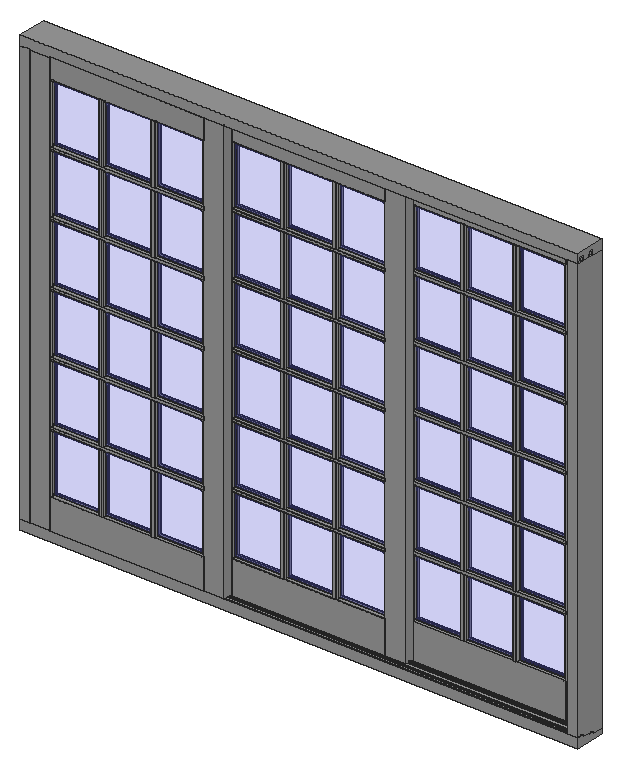
Revit family "VSD2.6SPTS RH", category Doors, host Wall, Revit 2015 (continued)
Forms (mm)
  Extrusion 72, solid, material "Lauan, Meranti"
    sketch origin (-405, -45, -297) x (1, 0, 0) y (0, 1, 0)
      loop
        line (295, 39) -> (297, 39) -> (297, 41) -> (288, 41) -> (288, 71) -> (275, 71) -> (275, 41) -> (266, 41) -> (266, 39) -> (268, 39)
        arc (268, 39) -> (270.33, 34.634) -> (275, 33) r 6.807
        line (275, 33) -> (275, 31)
    from 1675 to 1959
  Sweep 73, solid, material "Lauan, Meranti"
    path origin (-396.395, -120, -1078.763) x (1, 0, 0) y (0, 0, 1)
      loop
        line (279.395, 2740.763) -> (279.395, 2456.763) -> (513.395, 2456.763) -> (513.395, 2740.763) -> (279.395, 2740.763)
    profile origin (0, -120, 1662) x (0, 0, 1) y (0, -1, 0)
      loop
        line (-9, -124.5) -> (-9, -126.5) -> (-7, -126.5)
        arc (-7, -126.5) -> (-4.67, -130.866) -> (0, -132.5) r 6.807
        line (0, -132.5) -> (0, -124.5) -> (-9, -124.5)
  Sweep 74, solid, material "Lauan, Meranti"
    path origin (-643.395, -120, -1078.763) x (1, 0, 0) y (0, 0, 1)
      loop
        line (279.395, 2740.763) -> (279.395, 2456.763) -> (513.395, 2456.763) -> (513.395, 2740.763) -> (279.395, 2740.763)
    profile origin (-247, -120, 1662) x (0, 0, 1) y (0, -1, 0)
      loop
        line (-9, -124.5) -> (-9, -126.5) -> (-7, -126.5)
        arc (-7, -126.5) -> (-4.67, -130.866) -> (0, -132.5) r 6.807
        line (0, -132.5) -> (0, -124.5) -> (-9, -124.5)
  Sweep 75, solid, material "Lauan, Meranti"
    path origin (-149.395, -120, -1375.763) x (1, 0, 0) y (0, 0, 1)
      loop
        line (279.395, 2740.763) -> (279.395, 2456.763) -> (513.395, 2456.763) -> (513.395, 2740.763) -> (279.395, 2740.763)
    profile origin (247, -120, 1365) x (0, 0, 1) y (0, -1, 0)
      loop
        line (-9, -124.5) -> (-9, -126.5) -> (-7, -126.5)
        arc (-7, -126.5) -> (-4.67, -130.866) -> (0, -132.5) r 6.807
        line (0, -132.5) -> (0, -124.5) -> (-9, -124.5)
  Extrusion 76, solid, material "Lauan, Meranti"
    sketch origin (-405, -45, -594) x (1, 0, 0) y (0, 1, 0)
      loop
        line (522, 31) -> (535, 31) -> (535, 33)
        arc (535, 33) -> (539.67, 34.634) -> (542, 39) r 6.807
        line (542, 39) -> (544, 39) -> (544, 41) -> (535, 41) -> (535, 71) -> (522, 71) -> (522, 41) -> (513, 41) -> (513, 39) -> (515, 39)
        arc (515, 39) -> (517.33, 34.634) -> (522, 33) r 6.807
        line (522, 33) -> (522, 31)
      loop
        line (275, 31) -> (288, 31) -> (288, 33)
        arc (288, 33) -> (292.67, 34.634) -> (295, 39) r 6.807
        line (295, 39) -> (297, 39) -> (297, 41) -> (288, 41) -> (288, 71) -> (275, 71) -> (275, 41) -> (266, 41) -> (266, 39) -> (268, 39)
        arc (268, 39) -> (270.33, 34.634) -> (275, 33) r 6.807
        line (275, 33) -> (275, 31)
    from 1675 to 1959
  Sweep 77, solid, material "Lauan, Meranti"
    path origin (-396.395, -120, -1375.763) x (1, 0, 0) y (0, 0, 1)
      loop
        line (279.395, 2740.763) -> (279.395, 2456.763) -> (513.395, 2456.763) -> (513.395, 2740.763) -> (279.395, 2740.763)
    profile origin (0, -120, 1365) x (0, 0, 1) y (0, -1, 0)
      loop
        line (-9, -124.5) -> (-9, -126.5) -> (-7, -126.5)
        arc (-7, -126.5) -> (-4.67, -130.866) -> (0, -132.5) r 6.807
        line (0, -132.5) -> (0, -124.5) -> (-9, -124.5)
  Sweep 78, solid, material "Lauan, Meranti"
    path origin (-643.395, -120, -1375.763) x (1, 0, 0) y (0, 0, 1)
      loop
        line (279.395, 2740.763) -> (279.395, 2456.763) -> (513.395, 2456.763) -> (513.395, 2740.763) -> (279.395, 2740.763)
    profile origin (-247, -120, 1365) x (0, 0, 1) y (0, -1, 0)
      loop
        line (-9, -124.5) -> (-9, -126.5) -> (-7, -126.5)
        arc (-7, -126.5) -> (-4.67, -130.866) -> (0, -132.5) r 6.807
        line (0, -132.5) -> (0, -124.5) -> (-9, -124.5)
  Sweep 79, solid, material "Lauan, Meranti"
    path origin (-149.395, -120, -1672.763) x (1, 0, 0) y (0, 0, 1)
      loop
        line (279.395, 2740.763) -> (279.395, 2456.763) -> (513.395, 2456.763) -> (513.395, 2740.763) -> (279.395, 2740.763)
    profile origin (247, -120, 1068) x (0, 0, 1) y (0, -1, 0)
      loop
        line (-9, -124.5) -> (-9, -126.5) -> (-7, -126.5)
        arc (-7, -126.5) -> (-4.67, -130.866) -> (0, -132.5) r 6.807
        line (0, -132.5) -> (0, -124.5) -> (-9, -124.5)
  Extrusion 80, solid, material "Lauan, Meranti"
    sketch origin (-405, -45, -891) x (1, 0, 0) y (0, 1, 0)
      loop
        line (522, 31) -> (535, 31) -> (535, 33)
        arc (535, 33) -> (539.67, 34.634) -> (542, 39) r 6.807
        line (542, 39) -> (544, 39) -> (544, 41) -> (535, 41) -> (535, 71) -> (522, 71) -> (522, 41) -> (513, 41) -> (513, 39) -> (515, 39)
        arc (515, 39) -> (517.33, 34.634) -> (522, 33) r 6.807
        line (522, 33) -> (522, 31)
      loop
        line (275, 31) -> (288, 31) -> (288, 33)
        arc (288, 33) -> (292.67, 34.634) -> (295, 39) r 6.807
        line (295, 39) -> (297, 39) -> (297, 41) -> (288, 41) -> (288, 71) -> (275, 71) -> (275, 41) -> (266, 41) -> (266, 39) -> (268, 39)
        arc (268, 39) -> (270.33, 34.634) -> (275, 33) r 6.807
        line (275, 33) -> (275, 31)
    from 1675 to 1959
  Sweep 81, solid, material "Lauan, Meranti"
    path origin (-396.395, -120, -1672.763) x (1, 0, 0) y (0, 0, 1)
      loop
        line (279.395, 2740.763) -> (279.395, 2456.763) -> (513.395, 2456.763) -> (513.395, 2740.763) -> (279.395, 2740.763)
    profile origin (0, -120, 1068) x (0, 0, 1) y (0, -1, 0)
      loop
        line (-9, -124.5) -> (-9, -126.5) -> (-7, -126.5)
        arc (-7, -126.5) -> (-4.67, -130.866) -> (0, -132.5) r 6.807
        line (0, -132.5) -> (0, -124.5) -> (-9, -124.5)
  Sweep 82, solid, material "Lauan, Meranti"
    path origin (-643.395, -120, -1672.763) x (1, 0, 0) y (0, 0, 1)
      loop
        line (279.395, 2740.763) -> (279.395, 2456.763) -> (513.395, 2456.763) -> (513.395, 2740.763) -> (279.395, 2740.763)
    profile origin (-247, -120, 1068) x (0, 0, 1) y (0, -1, 0)
      loop
        line (-9, -124.5) -> (-9, -126.5) -> (-7, -126.5)
        arc (-7, -126.5) -> (-4.67, -130.866) -> (0, -132.5) r 6.807
        line (0, -132.5) -> (0, -124.5) -> (-9, -124.5)
  Sweep 83, solid, material "Lauan, Meranti"
    path origin (-149.395, -120, -1969.763) x (1, 0, 0) y (0, 0, 1)
      loop
        line (279.395, 2740.763) -> (279.395, 2456.763) -> (513.395, 2456.763) -> (513.395, 2740.763) -> (279.395, 2740.763)
    profile origin (247, -120, 771) x (0, 0, 1) y (0, -1, 0)
      loop
        line (-9, -124.5) -> (-9, -126.5) -> (-7, -126.5)
        arc (-7, -126.5) -> (-4.67, -130.866) -> (0, -132.5) r 6.807
        line (0, -132.5) -> (0, -124.5) -> (-9, -124.5)
  Extrusion 84, solid, material "Lauan, Meranti"
    sketch origin (-405, -45, -1188) x (1, 0, 0) y (0, 1, 0)
      loop
        line (522, 31) -> (535, 31) -> (535, 33)
        arc (535, 33) -> (539.67, 34.634) -> (542, 39) r 6.807
        line (542, 39) -> (544, 39) -> (544, 41) -> (535, 41) -> (535, 71) -> (522, 71) -> (522, 41) -> (513, 41) -> (513, 39) -> (515, 39)
        arc (515, 39) -> (517.33, 34.634) -> (522, 33) r 6.807
        line (522, 33) -> (522, 31)
      loop
        line (275, 31) -> (288, 31) -> (288, 33)
        arc (288, 33) -> (292.67, 34.634) -> (295, 39) r 6.807
        line (295, 39) -> (297, 39) -> (297, 41) -> (288, 41) -> (288, 71) -> (275, 71) -> (275, 41) -> (266, 41) -> (266, 39) -> (268, 39)
        arc (268, 39) -> (270.33, 34.634) -> (275, 33) r 6.807
        line (275, 33) -> (275, 31)
    from 1675 to 1959
  Sweep 85, solid, material "Lauan, Meranti"
    path origin (-396.395, -120, -1969.763) x (1, 0, 0) y (0, 0, 1)
      loop
        line (279.395, 2740.763) -> (279.395, 2456.763) -> (513.395, 2456.763) -> (513.395, 2740.763) -> (279.395, 2740.763)
    profile origin (0, -120, 771) x (0, 0, 1) y (0, -1, 0)
      loop
        line (-9, -124.5) -> (-9, -126.5) -> (-7, -126.5)
        arc (-7, -126.5) -> (-4.67, -130.866) -> (0, -132.5) r 6.807
        line (0, -132.5) -> (0, -124.5) -> (-9, -124.5)
  Sweep 86, solid, material "Lauan, Meranti"
    path origin (-643.395, -120, -1969.763) x (1, 0, 0) y (0, 0, 1)
      loop
        line (279.395, 2740.763) -> (279.395, 2456.763) -> (513.395, 2456.763) -> (513.395, 2740.763) -> (279.395, 2740.763)
    profile origin (-247, -120, 771) x (0, 0, 1) y (0, -1, 0)
      loop
        line (-9, -124.5) -> (-9, -126.5) -> (-7, -126.5)
        arc (-7, -126.5) -> (-4.67, -130.866) -> (0, -132.5) r 6.807
        line (0, -132.5) -> (0, -124.5) -> (-9, -124.5)
  Sweep 87, solid, material "Lauan, Meranti"
    path origin (-149.395, -120, -2266.763) x (1, 0, 0) y (0, 0, 1)
      loop
        line (279.395, 2740.763) -> (279.395, 2456.763) -> (513.395, 2456.763) -> (513.395, 2740.763) -> (279.395, 2740.763)
    profile origin (247, -120, 474) x (0, 0, 1) y (0, -1, 0)
      loop
        line (-9, -124.5) -> (-9, -126.5) -> (-7, -126.5)
        arc (-7, -126.5) -> (-4.67, -130.866) -> (0, -132.5) r 6.807
        line (0, -132.5) -> (0, -124.5) -> (-9, -124.5)
  Extrusion 88, solid, material "Lauan, Meranti"
    sketch origin (-405, -45, -1485) x (1, 0, 0) y (0, 1, 0)
      loop
        line (522, 31) -> (535, 31) -> (535, 33)
        arc (535, 33) -> (539.67, 34.634) -> (542, 39) r 6.807
        line (542, 39) -> (544, 39) -> (544, 41) -> (535, 41) -> (535, 71) -> (522, 71) -> (522, 41) -> (513, 41) -> (513, 39) -> (515, 39)
        arc (515, 39) -> (517.33, 34.634) -> (522, 33) r 6.807
        line (522, 33) -> (522, 31)
      loop
        line (275, 31) -> (288, 31) -> (288, 33)
        arc (288, 33) -> (292.67, 34.634) -> (295, 39) r 6.807
        line (295, 39) -> (297, 39) -> (297, 41) -> (288, 41) -> (288, 71) -> (275, 71) -> (275, 41) -> (266, 41) -> (266, 39) -> (268, 39)
        arc (268, 39) -> (270.33, 34.634) -> (275, 33) r 6.807
        line (275, 33) -> (275, 31)
    from 1675 to 1959
  Sweep 89, solid, material "Lauan, Meranti"
    path origin (-396.395, -120, -2266.763) x (1, 0, 0) y (0, 0, 1)
      loop
        line (279.395, 2740.763) -> (279.395, 2456.763) -> (513.395, 2456.763) -> (513.395, 2740.763) -> (279.395, 2740.763)
    profile origin (0, -120, 474) x (0, 0, 1) y (0, -1, 0)
      loop
        line (-9, -124.5) -> (-9, -126.5) -> (-7, -126.5)
        arc (-7, -126.5) -> (-4.67, -130.866) -> (0, -132.5) r 6.807
        line (0, -132.5) -> (0, -124.5) -> (-9, -124.5)
  Sweep 90, solid, material "Lauan, Meranti"
    path origin (-643.395, -120, -2266.763) x (1, 0, 0) y (0, 0, 1)
      loop
        line (279.395, 2740.763) -> (279.395, 2456.763) -> (513.395, 2456.763) -> (513.395, 2740.763) -> (279.395, 2740.763)
    profile origin (-247, -120, 474) x (0, 0, 1) y (0, -1, 0)
      loop
        line (-9, -124.5) -> (-9, -126.5) -> (-7, -126.5)
        arc (-7, -126.5) -> (-4.67, -130.866) -> (0, -132.5) r 6.807
        line (0, -132.5) -> (0, -124.5) -> (-9, -124.5)
Cuts and joins
  joined: Extrusion 3, Extrusion 4, Extrusion 6
Lines and regions (mm)
  Opening 1
    outline origin (-3050, -75, 0) x (1, 0, 0) y (0, 0, 1)
      loop
        line (1730, 0) -> (4370, 0) -> (4370, 2100) -> (1730, 2100) -> (1730, 0)
  model lines
    curve 1: line (-255.153, 99.5, 925) -> (85.77, 99.5, 925)
    curve 2: line (224.847, 99.5, 925) -> (85.77, 99.5, 981.191)
    curve 3: line (85.77, 99.5, 981.191) -> (85.77, 99.5, 868.809)
    curve 4: line (224.847, 99.5, 925) -> (85.77, 99.5, 868.809)
    curve 5: line (-1070.153, 99.5, 925) -> (-729.23, 99.5, 925)
    curve 6: line (-590.153, 99.5, 925) -> (-729.23, 99.5, 981.191)
    curve 7: line (-729.23, 99.5, 981.191) -> (-729.23, 99.5, 868.809)
    curve 8: line (-590.153, 99.5, 925) -> (-729.23, 99.5, 868.809)
Text (mm)
  text "Exterior" at (-2295.016, 1099.543, 0), in view "Ref. Level"
  text "Exterior" at (0, 1615.38, 3698.081), in view "Left"
  text "Exterior" at (0, 1036.032, 3874.932), in view "Right"
Dimensions and locks
  equal spacing: plane 3 "Left", plane 2 "Center (Left/Right)", plane 4 "Right"
  "Width": plane 3 "Left" to plane 4 "Right"
  "Height": plane 5 to host wall
  host wall to plane 5 = 2100 mm  (x2)
  locked: plane 6 "Exterior" to host wall at 0
  locked: plane 7 "Interior" to host wall
  plane 3 "Left" to plane 4 "Right" = 2640 mm
  aligned and locked: plane 3 "Left" to Opening 1 sketch curve
  aligned and locked: plane 5 to Opening 1 sketch curve  (x2)
  aligned and locked: Opening 1 sketch curve to plane 4 "Right"
  aligned and locked: Opening 1 sketch curve to level
  aligned and locked: plane 1 to host wall
  aligned and locked: Extrusion 1 to host wall  (x2)
  aligned and locked: Extrusion 2 to host wall  (x2)
  aligned and locked: Extrusion 13 to Sweep 14 sketch curve
  aligned and locked: Extrusion 16 to Extrusion 13  (x2)
  aligned and locked: Extrusion 13 to Extrusion 9
  aligned and locked: Extrusion 39 to Sweep 40 sketch curve
  aligned and locked: Extrusion 42 to Extrusion 39  (x2)
  aligned and locked: Extrusion 39 to Extrusion 8
  aligned and locked: Extrusion 65 to Sweep 66 sketch curve
  aligned and locked: Extrusion 68 to Extrusion 65  (x2)
  aligned and locked: Extrusion 65 to Extrusion 10
Automatic sketch dimensions
  Extrusion 1 sketch curve to level = 0 mm
  Extrusion 1 sketch curve to host wall = 5 mm  (x2)
  Extrusion 1 sketch curve to Extrusion 1 sketch curve = 8 mm
  Extrusion 1 sketch curve to Extrusion 1 sketch curve = 24 mm
  host wall to Extrusion 1 sketch curve = 6 mm
  Extrusion 1 sketch curve to host wall = 18 mm
  level to Extrusion 1 sketch curve = 21 mm
  Extrusion 1 sketch curve to Extrusion 1 sketch curve = 11 mm  (x2)
  Extrusion 1 sketch curve to Extrusion 1 sketch curve = 1 mm  (x2)
  plane 5 to Extrusion 2 sketch curve = 0 mm
  Extrusion 2 sketch curve to host wall = 5 mm  (x2)
  Extrusion 2 sketch curve to Extrusion 2 sketch curve = 9 mm
  Extrusion 2 sketch curve to Extrusion 2 sketch curve = 22 mm
  host wall to Extrusion 2 sketch curve = 5 mm
  Extrusion 2 sketch curve to host wall = 17 mm
  plane 5 to Extrusion 2 sketch curve = 25 mm  (x2)
  Extrusion 2 sketch curve to Extrusion 2 sketch curve = 20 mm  (x3)
  Extrusion 3 sketch curve to plane 3 "Left" = 0 mm
  Extrusion 3 sketch curve to plane 4 "Right" = 0 mm
  Extrusion 3 sketch curve to plane 3 "Left" = 43 mm
  Extrusion 3 sketch curve to host wall = 5 mm  (x4)
  Extrusion 3 sketch curve to Extrusion 3 sketch curve = 45 mm
  plane 4 "Right" to Extrusion 3 sketch curve = 45 mm
  Extrusion 3 sketch curve to Extrusion 3 sketch curve = 2 mm
  Extrusion 3 sketch curve to host wall = 25 mm  (x2)
  Extrusion 4 sketch curve to plane 3 "Left" = 0 mm
  Extrusion 4 sketch curve to plane 4 "Right" = 0 mm
  Extrusion 4 sketch curve to plane 3 "Left" = 43 mm
  Extrusion 4 sketch curve to Extrusion 4 sketch curve = 2 mm  (x2)
  plane 4 "Right" to Extrusion 4 sketch curve = 45 mm
  Extrusion 4 sketch curve to host wall = 5 mm  (x2)
  Extrusion 4 sketch curve to host wall = 25 mm
  Extrusion 4 sketch curve to Extrusion 4 sketch curve = 20 mm
  Extrusion 4 sketch curve to host wall = 37 mm  (x2)
  curve 7 to plane 3 "Left" = 590.77 mm
  curve 5 to curve 8 = 139.078 mm
  plane 2 "Center (Left/Right)" to curve 3 = 85.77 mm
  curve 1 to curve 4 = 139.078 mm
  level to curve 4 = 868.809 mm
  curve 7 to curve 3 = 0 mm
  curve 7 to curve 8 = 56.191 mm
  curve 3 to curve 4 = 56.191 mm
  curve 3 to curve 3 = 112.382 mm
  curve 7 to curve 7 = 112.382 mm
  curve 5 to plane 3 "Left" = 249.847 mm
  curve 1 to plane 2 "Center (Left/Right)" = 255.153 mm
  curve 1 to curve 2 = 56.191 mm
  curve 5 to curve 6 = 56.191 mm
  Extrusion 5 sketch curve to host wall = 13 mm
  Extrusion 5 sketch curve to Extrusion 5 sketch curve = 11 mm  (x2)
  Extrusion 5 sketch curve to Extrusion 5 sketch curve = 1 mm  (x4)
  level to Extrusion 5 sketch curve = 44 mm
  Extrusion 5 sketch curve to Extrusion 5 sketch curve = 1.882 mm
  Extrusion 5 sketch curve to Extrusion 5 sketch curve = 1.118 mm
  Extrusion 6 sketch curve to plane 3 "Left" = 0 mm
  Extrusion 6 sketch curve to plane 4 "Right" = 0 mm
  Extrusion 6 sketch curve to host wall = 5 mm  (x2)
  Extrusion 6 sketch curve to Extrusion 6 sketch curve = 43 mm
  Extrusion 6 sketch curve to Extrusion 6 sketch curve = 2 mm  (x2)
  Extrusion 6 sketch curve to host wall = 18 mm  (x2)
  plane 4 "Right" to Extrusion 6 sketch curve = 45 mm
  Extrusion 6 sketch curve to Extrusion 6 sketch curve = 20 mm
  Extrusion 6 sketch curve to host wall = 25 mm
  host wall to Extrusion 7 sketch curve = 6 mm
  Extrusion 7 sketch curve to host wall = 5 mm
  Extrusion 7 sketch curve to Extrusion 7 sketch curve = 1 mm  (x4)
  Extrusion 7 sketch curve to Extrusion 7 sketch curve = 11 mm
  level to Extrusion 7 sketch curve = 32 mm
  Extrusion 7 sketch curve to Extrusion 7 sketch curve = 1.882 mm
  Extrusion 7 sketch curve to Extrusion 7 sketch curve = 1.118 mm
  Extrusion 8 sketch curve to plane 8 = 0 mm
  Extrusion 8 sketch curve to plane 9 = 0 mm
  Extrusion 8 sketch curve to plane 12 = 0 mm
  Extrusion 8 sketch curve to plane 13 = 0 mm
  plane 9 to Extrusion 8 sketch curve = 9 mm  (x2)
  Extrusion 8 sketch curve to Extrusion 8 sketch curve = 0.473 mm  (x3)
  Extrusion 8 sketch curve to Extrusion 8 sketch curve = 2 mm  (x5)
  Extrusion 8 sketch curve to Extrusion 8 sketch curve = 6.527 mm
  Extrusion 8 sketch curve to host wall = 5 mm  (x2)
  Extrusion 8 sketch curve to Extrusion 8 sketch curve = 6 mm  (x2)
  Extrusion 8 sketch curve to Extrusion 8 sketch curve = 1.468 mm
  host wall to Extrusion 8 sketch curve = 30 mm  (x2)
  Extrusion 9 sketch curve to plane 16 = 0 mm
  Extrusion 9 sketch curve to plane 17 = 0 mm
  Extrusion 9 sketch curve to plane 20 = 0 mm
  Extrusion 9 sketch curve to plane 21 = 0 mm
  plane 17 to Extrusion 9 sketch curve = 9 mm  (x2)
  Extrusion 9 sketch curve to host wall = 1 mm  (x2)
  Extrusion 9 sketch curve to Extrusion 9 sketch curve = 0.473 mm  (x3)
  Extrusion 9 sketch curve to Extrusion 9 sketch curve = 2 mm  (x6)
  Extrusion 9 sketch curve to Extrusion 9 sketch curve = 6.527 mm
  Extrusion 9 sketch curve to host wall = 31 mm  (x2)
  Extrusion 9 sketch curve to Extrusion 9 sketch curve = 1.468 mm  (x2)
  Extrusion 10 sketch curve to plane 24 = 0 mm
  Extrusion 10 sketch curve to plane 25 = 0 mm
  Extrusion 10 sketch curve to plane 28 = 0 mm
  Extrusion 10 sketch curve to plane 29 = 0 mm
  plane 25 to Extrusion 10 sketch curve = 9 mm  (x2)
  Extrusion 10 sketch curve to Extrusion 10 sketch curve = 0.473 mm  (x3)
  Extrusion 10 sketch curve to Extrusion 10 sketch curve = 2 mm  (x5)
  host wall to Extrusion 10 sketch curve = 5.468 mm
  Extrusion 10 sketch curve to Extrusion 10 sketch curve = 6.527 mm
  host wall to Extrusion 10 sketch curve = 6 mm  (x2)
  Extrusion 10 sketch curve to Extrusion 10 sketch curve = 6 mm
  Extrusion 10 sketch curve to Extrusion 10 sketch curve = 1.468 mm
  Extrusion 10 sketch curve to host wall = 26 mm  (x2)
  host wall to Extrusion 11 sketch curve = 4.5 mm
  host wall to Extrusion 11 sketch curve = 2.3 mm
  Extrusion 11 sketch curve to host wall = 14.3 mm
  Extrusion 11 sketch curve to Extrusion 11 sketch curve = 2.2 mm  (x2)
  plane 5 to Extrusion 11 sketch curve = 45 mm
  Extrusion 11 sketch curve to Extrusion 11 sketch curve = 0 mm
  Extrusion 11 sketch curve to Extrusion 11 sketch curve = 17.8 mm
  Extrusion 12 sketch curve to host wall = 14.5 mm
  Extrusion 12 sketch curve to Extrusion 12 sketch curve = 2.2 mm  (x3)
  Extrusion 12 sketch curve to Extrusion 12 sketch curve = 16.6 mm
  plane 5 to Extrusion 12 sketch curve = 45 mm
  Extrusion 12 sketch curve to Extrusion 12 sketch curve = 0 mm
  Extrusion 12 sketch curve to Extrusion 12 sketch curve = 17.8 mm
  plane 4 "Right" to Sweep 14 sketch curve = 375 mm
  plane 4 "Right" to Sweep 14 sketch curve = 141 mm
  Sweep 14 sketch curve to Sweep 14 sketch curve = 284 mm
  profile plane to Sweep 14 sketch curve = 0 mm
  profile plane to Sweep 14 sketch curve = 0.241 mm
  Sweep 14 sketch curve to Sweep 14 sketch curve = 6.759 mm
  Sweep 14 sketch curve to Sweep 14 sketch curve = 2 mm  (x2)
  Sweep 14 sketch curve to profile plane = 132.5 mm
  Sweep 14 sketch curve to Sweep 14 sketch curve = 6 mm
  plane 2 "Center (Left/Right)" to Extrusion 15 sketch curve = 451 mm  (x2)
  Extrusion 15 sketch curve to Extrusion 15 sketch curve = 0 mm  (x25)
  Extrusion 15 sketch curve to Extrusion 15 sketch curve = 0.01 mm  (x6)
  Extrusion 15 sketch curve to Extrusion 15 sketch curve = 233.99 mm  (x4)
  Extrusion 15 sketch curve to Extrusion 15 sketch curve = 234 mm  (x3)
  Extrusion 15 sketch curve to Extrusion 15 sketch curve = 13 mm  (x13)
  Extrusion 15 sketch curve to Extrusion 15 sketch curve = 13.01 mm  (x3)
  plane 4 "Right" to Extrusion 15 sketch curve = 141 mm  (x4)
  level to Extrusion 15 sketch curve = 190.012 mm  (x2)
  Extrusion 15 sketch curve to Extrusion 15 sketch curve = 283.988 mm  (x3)
  Extrusion 15 sketch curve to Extrusion 15 sketch curve = 284 mm  (x2)
  Extrusion 15 sketch curve to Extrusion 15 sketch curve = 13.012 mm  (x4)
  plane 5 to Extrusion 15 sketch curve = 141 mm
  Extrusion 16 sketch curve to host wall = 33 mm  (x2)
  plane 4 "Right" to Extrusion 16 sketch curve = 644 mm
  Extrusion 16 sketch curve to Extrusion 16 sketch curve = 2 mm  (x7)
  Extrusion 16 sketch curve to Extrusion 16 sketch curve = 6.759 mm  (x4)
  Extrusion 16 sketch curve to Extrusion 16 sketch curve = 0.241 mm  (x6)
  Extrusion 16 sketch curve to host wall = 1 mm  (x2)
  Extrusion 16 sketch curve to Extrusion 16 sketch curve = 13 mm  (x2)
  Extrusion 16 sketch curve to Extrusion 16 sketch curve = 0 mm  (x4)
  Extrusion 16 sketch curve to Extrusion 16 sketch curve = 216 mm
  Extrusion 16 sketch curve to Extrusion 16 sketch curve = 6 mm  (x4)
  Extrusion 16 sketch curve to Extrusion 16 sketch curve = 1.197 mm  (x3)
  plane 4 "Right" to Sweep 17 sketch curve = 622 mm
  Sweep 17 sketch curve to Sweep 17 sketch curve = 234 mm
  plane 5 to Sweep 17 sketch curve = 425 mm
  plane 5 to Sweep 17 sketch curve = 141 mm
  profile plane to Sweep 17 sketch curve = 0 mm
  profile plane to Sweep 17 sketch curve = 0.241 mm
  Sweep 17 sketch curve to Sweep 17 sketch curve = 6.759 mm
  Sweep 17 sketch curve to Sweep 17 sketch curve = 2 mm  (x2)
  Sweep 17 sketch curve to profile plane = 132.5 mm
  Sweep 17 sketch curve to Sweep 17 sketch curve = 6 mm
  plane 2 "Center (Left/Right)" to Sweep 18 sketch curve = 451 mm
  Sweep 18 sketch curve to Sweep 18 sketch curve = 234 mm
  plane 5 to Sweep 18 sketch curve = 425 mm
  plane 5 to Sweep 18 sketch curve = 141 mm
  profile plane to Sweep 18 sketch curve = 0 mm
  profile plane to Sweep 18 sketch curve = 0.241 mm
  Sweep 18 sketch curve to Sweep 18 sketch curve = 6.759 mm
  Sweep 18 sketch curve to Sweep 18 sketch curve = 2 mm  (x2)
  Sweep 18 sketch curve to profile plane = 132.5 mm
  Sweep 18 sketch curve to Sweep 18 sketch curve = 6 mm
  plane 4 "Right" to Sweep 19 sketch curve = 375 mm
  plane 4 "Right" to Sweep 19 sketch curve = 141 mm
  plane 5 to Sweep 19 sketch curve = 722 mm
  Sweep 19 sketch curve to Sweep 19 sketch curve = 284 mm
  profile plane to Sweep 19 sketch curve = 0 mm
  profile plane to Sweep 19 sketch curve = 0.241 mm
  Sweep 19 sketch curve to Sweep 19 sketch curve = 6.759 mm
  Sweep 19 sketch curve to Sweep 19 sketch curve = 2 mm  (x2)
  Sweep 19 sketch curve to profile plane = 132.5 mm
  Sweep 19 sketch curve to Sweep 19 sketch curve = 6 mm
  Extrusion 20 sketch curve to host wall = 33 mm  (x2)
  plane 4 "Right" to Extrusion 20 sketch curve = 644 mm
  Extrusion 20 sketch curve to Extrusion 20 sketch curve = 2 mm  (x7)
  Extrusion 20 sketch curve to Extrusion 20 sketch curve = 6.759 mm  (x4)
  Extrusion 20 sketch curve to Extrusion 20 sketch curve = 0.241 mm  (x6)
  Extrusion 20 sketch curve to host wall = 1 mm  (x2)
  Extrusion 20 sketch curve to Extrusion 20 sketch curve = 13 mm  (x2)
  Extrusion 20 sketch curve to Extrusion 20 sketch curve = 0 mm  (x4)
  Extrusion 20 sketch curve to Extrusion 20 sketch curve = 216 mm
  Extrusion 20 sketch curve to Extrusion 20 sketch curve = 6 mm  (x4)
  Extrusion 20 sketch curve to Extrusion 20 sketch curve = 1.197 mm  (x3)
  plane 4 "Right" to Sweep 21 sketch curve = 622 mm
  Sweep 21 sketch curve to Sweep 21 sketch curve = 234 mm
  plane 5 to Sweep 21 sketch curve = 722 mm
  Sweep 21 sketch curve to Sweep 21 sketch curve = 284 mm
  profile plane to Sweep 21 sketch curve = 0 mm
  profile plane to Sweep 21 sketch curve = 0.241 mm
  Sweep 21 sketch curve to Sweep 21 sketch curve = 6.759 mm
  Sweep 21 sketch curve to Sweep 21 sketch curve = 2 mm  (x2)
  Sweep 21 sketch curve to profile plane = 132.5 mm
  Sweep 21 sketch curve to Sweep 21 sketch curve = 6 mm
  plane 2 "Center (Left/Right)" to Sweep 22 sketch curve = 451 mm
  Sweep 22 sketch curve to Sweep 22 sketch curve = 234 mm
  plane 5 to Sweep 22 sketch curve = 722 mm
  Sweep 22 sketch curve to Sweep 22 sketch curve = 284 mm
  profile plane to Sweep 22 sketch curve = 0 mm
  profile plane to Sweep 22 sketch curve = 0.241 mm
  Sweep 22 sketch curve to Sweep 22 sketch curve = 6.759 mm
  Sweep 22 sketch curve to Sweep 22 sketch curve = 2 mm  (x2)
  Sweep 22 sketch curve to profile plane = 132.5 mm
  Sweep 22 sketch curve to Sweep 22 sketch curve = 6 mm
  plane 4 "Right" to Sweep 23 sketch curve = 375 mm
  plane 4 "Right" to Sweep 23 sketch curve = 141 mm
  plane 5 to Sweep 23 sketch curve = 1019 mm
  Sweep 23 sketch curve to Sweep 23 sketch curve = 284 mm
  profile plane to Sweep 23 sketch curve = 0 mm
  profile plane to Sweep 23 sketch curve = 0.241 mm
  Sweep 23 sketch curve to Sweep 23 sketch curve = 6.759 mm
  Sweep 23 sketch curve to Sweep 23 sketch curve = 2 mm  (x2)
  Sweep 23 sketch curve to profile plane = 132.5 mm
  Sweep 23 sketch curve to Sweep 23 sketch curve = 6 mm
  Extrusion 24 sketch curve to host wall = 33 mm  (x2)
  plane 4 "Right" to Extrusion 24 sketch curve = 644 mm
  Extrusion 24 sketch curve to Extrusion 24 sketch curve = 2 mm  (x7)
  Extrusion 24 sketch curve to Extrusion 24 sketch curve = 6.759 mm  (x4)
  Extrusion 24 sketch curve to Extrusion 24 sketch curve = 0.241 mm  (x6)
  Extrusion 24 sketch curve to host wall = 1 mm  (x2)
  Extrusion 24 sketch curve to Extrusion 24 sketch curve = 13 mm  (x2)
  Extrusion 24 sketch curve to Extrusion 24 sketch curve = 0 mm  (x4)
  Extrusion 24 sketch curve to Extrusion 24 sketch curve = 216 mm
  Extrusion 24 sketch curve to Extrusion 24 sketch curve = 6 mm  (x4)
  Extrusion 24 sketch curve to Extrusion 24 sketch curve = 1.197 mm  (x3)
  plane 4 "Right" to Sweep 25 sketch curve = 622 mm
  Sweep 25 sketch curve to Sweep 25 sketch curve = 234 mm
  plane 5 to Sweep 25 sketch curve = 1019 mm
  Sweep 25 sketch curve to Sweep 25 sketch curve = 284 mm
  profile plane to Sweep 25 sketch curve = 0 mm
  profile plane to Sweep 25 sketch curve = 0.241 mm
  Sweep 25 sketch curve to Sweep 25 sketch curve = 6.759 mm
  Sweep 25 sketch curve to Sweep 25 sketch curve = 2 mm  (x2)
  Sweep 25 sketch curve to profile plane = 132.5 mm
  Sweep 25 sketch curve to Sweep 25 sketch curve = 6 mm
  plane 2 "Center (Left/Right)" to Sweep 26 sketch curve = 451 mm
  Sweep 26 sketch curve to Sweep 26 sketch curve = 234 mm
  plane 5 to Sweep 26 sketch curve = 1019 mm
  Sweep 26 sketch curve to Sweep 26 sketch curve = 284 mm
  profile plane to Sweep 26 sketch curve = 0 mm
  profile plane to Sweep 26 sketch curve = 0.241 mm
  Sweep 26 sketch curve to Sweep 26 sketch curve = 6.759 mm
  Sweep 26 sketch curve to Sweep 26 sketch curve = 2 mm  (x2)
  Sweep 26 sketch curve to profile plane = 132.5 mm
  Sweep 26 sketch curve to Sweep 26 sketch curve = 6 mm
  plane 4 "Right" to Sweep 27 sketch curve = 375 mm
  plane 4 "Right" to Sweep 27 sketch curve = 141 mm
  level to Sweep 27 sketch curve = 784 mm
  Sweep 27 sketch curve to Sweep 27 sketch curve = 284 mm
  profile plane to Sweep 27 sketch curve = 0 mm
  profile plane to Sweep 27 sketch curve = 0.241 mm
  Sweep 27 sketch curve to Sweep 27 sketch curve = 6.759 mm
  Sweep 27 sketch curve to Sweep 27 sketch curve = 2 mm  (x2)
  Sweep 27 sketch curve to profile plane = 132.5 mm
  Sweep 27 sketch curve to Sweep 27 sketch curve = 6 mm
  Extrusion 28 sketch curve to host wall = 33 mm  (x2)
  plane 4 "Right" to Extrusion 28 sketch curve = 644 mm
  Extrusion 28 sketch curve to Extrusion 28 sketch curve = 2 mm  (x7)
  Extrusion 28 sketch curve to Extrusion 28 sketch curve = 6.759 mm  (x4)
  Extrusion 28 sketch curve to Extrusion 28 sketch curve = 0.241 mm  (x6)
  Extrusion 28 sketch curve to host wall = 1 mm  (x2)
  Extrusion 28 sketch curve to Extrusion 28 sketch curve = 13 mm  (x2)
  Extrusion 28 sketch curve to Extrusion 28 sketch curve = 0 mm  (x4)
  Extrusion 28 sketch curve to Extrusion 28 sketch curve = 216 mm
  Extrusion 28 sketch curve to Extrusion 28 sketch curve = 6 mm  (x4)
  Extrusion 28 sketch curve to Extrusion 28 sketch curve = 1.197 mm  (x3)
  plane 4 "Right" to Sweep 29 sketch curve = 622 mm
  Sweep 29 sketch curve to Sweep 29 sketch curve = 234 mm
  level to Sweep 29 sketch curve = 784 mm
  Sweep 29 sketch curve to Sweep 29 sketch curve = 284 mm
  profile plane to Sweep 29 sketch curve = 0 mm
  profile plane to Sweep 29 sketch curve = 0.241 mm
  Sweep 29 sketch curve to Sweep 29 sketch curve = 6.759 mm
  Sweep 29 sketch curve to Sweep 29 sketch curve = 2 mm  (x2)
  Sweep 29 sketch curve to profile plane = 132.5 mm
  Sweep 29 sketch curve to Sweep 29 sketch curve = 6 mm
  plane 2 "Center (Left/Right)" to Sweep 30 sketch curve = 451 mm
  Sweep 30 sketch curve to Sweep 30 sketch curve = 234 mm
  level to Sweep 30 sketch curve = 784 mm
  Sweep 30 sketch curve to Sweep 30 sketch curve = 284 mm
  profile plane to Sweep 30 sketch curve = 0 mm
  profile plane to Sweep 30 sketch curve = 0.241 mm
  Sweep 30 sketch curve to Sweep 30 sketch curve = 6.759 mm
  Sweep 30 sketch curve to Sweep 30 sketch curve = 2 mm  (x2)
  Sweep 30 sketch curve to profile plane = 132.5 mm
  Sweep 30 sketch curve to Sweep 30 sketch curve = 6 mm
  plane 4 "Right" to Sweep 31 sketch curve = 375 mm
  plane 4 "Right" to Sweep 31 sketch curve = 141 mm
  level to Sweep 31 sketch curve = 487 mm
  Sweep 31 sketch curve to Sweep 31 sketch curve = 284 mm
  profile plane to Sweep 31 sketch curve = 0 mm
  profile plane to Sweep 31 sketch curve = 0.241 mm
  Sweep 31 sketch curve to Sweep 31 sketch curve = 6.759 mm
  Sweep 31 sketch curve to Sweep 31 sketch curve = 2 mm  (x2)
  Sweep 31 sketch curve to profile plane = 132.5 mm
  Sweep 31 sketch curve to Sweep 31 sketch curve = 6 mm
  Extrusion 32 sketch curve to host wall = 33 mm  (x2)
  plane 4 "Right" to Extrusion 32 sketch curve = 644 mm
  Extrusion 32 sketch curve to Extrusion 32 sketch curve = 2 mm  (x7)
  Extrusion 32 sketch curve to Extrusion 32 sketch curve = 6.759 mm  (x4)
  Extrusion 32 sketch curve to Extrusion 32 sketch curve = 0.241 mm  (x6)
  Extrusion 32 sketch curve to host wall = 1 mm  (x2)
  Extrusion 32 sketch curve to Extrusion 32 sketch curve = 13 mm  (x2)
  Extrusion 32 sketch curve to Extrusion 32 sketch curve = 0 mm  (x4)
  Extrusion 32 sketch curve to Extrusion 32 sketch curve = 216 mm
  Extrusion 32 sketch curve to Extrusion 32 sketch curve = 6 mm  (x4)
  Extrusion 32 sketch curve to Extrusion 32 sketch curve = 1.197 mm  (x3)
  plane 4 "Right" to Sweep 33 sketch curve = 622 mm
  Sweep 33 sketch curve to Sweep 33 sketch curve = 234 mm
  level to Sweep 33 sketch curve = 487 mm
  Sweep 33 sketch curve to Sweep 33 sketch curve = 284 mm
  profile plane to Sweep 33 sketch curve = 0 mm
  profile plane to Sweep 33 sketch curve = 0.241 mm
  Sweep 33 sketch curve to Sweep 33 sketch curve = 6.759 mm
  Sweep 33 sketch curve to Sweep 33 sketch curve = 2 mm  (x2)
  Sweep 33 sketch curve to profile plane = 132.5 mm
  Sweep 33 sketch curve to Sweep 33 sketch curve = 6 mm
  plane 2 "Center (Left/Right)" to Sweep 34 sketch curve = 451 mm
  Sweep 34 sketch curve to Sweep 34 sketch curve = 234 mm
  level to Sweep 34 sketch curve = 487 mm
  Sweep 34 sketch curve to Sweep 34 sketch curve = 284 mm
  profile plane to Sweep 34 sketch curve = 0 mm
  profile plane to Sweep 34 sketch curve = 0.241 mm
  Sweep 34 sketch curve to Sweep 34 sketch curve = 6.759 mm
  Sweep 34 sketch curve to Sweep 34 sketch curve = 2 mm  (x2)
  Sweep 34 sketch curve to profile plane = 132.5 mm
  Sweep 34 sketch curve to Sweep 34 sketch curve = 6 mm
  plane 4 "Right" to Sweep 35 sketch curve = 375 mm
  plane 4 "Right" to Sweep 35 sketch curve = 141 mm
  level to Sweep 35 sketch curve = 190 mm
  Sweep 35 sketch curve to Sweep 35 sketch curve = 284 mm
  profile plane to Sweep 35 sketch curve = 0 mm
  profile plane to Sweep 35 sketch curve = 0.241 mm
  Sweep 35 sketch curve to Sweep 35 sketch curve = 6.759 mm
  Sweep 35 sketch curve to Sweep 35 sketch curve = 2 mm  (x2)
  Sweep 35 sketch curve to profile plane = 132.5 mm
  Sweep 35 sketch curve to Sweep 35 sketch curve = 6 mm
  Extrusion 36 sketch curve to host wall = 33 mm  (x2)
  plane 4 "Right" to Extrusion 36 sketch curve = 644 mm
  Extrusion 36 sketch curve to Extrusion 36 sketch curve = 2 mm  (x7)
  Extrusion 36 sketch curve to Extrusion 36 sketch curve = 6.759 mm  (x4)
  Extrusion 36 sketch curve to Extrusion 36 sketch curve = 0.241 mm  (x6)
  Extrusion 36 sketch curve to host wall = 1 mm  (x2)
  Extrusion 36 sketch curve to Extrusion 36 sketch curve = 13 mm  (x2)
  Extrusion 36 sketch curve to Extrusion 36 sketch curve = 0 mm  (x4)
  Extrusion 36 sketch curve to Extrusion 36 sketch curve = 216 mm
  Extrusion 36 sketch curve to Extrusion 36 sketch curve = 6 mm  (x4)
  Extrusion 36 sketch curve to Extrusion 36 sketch curve = 1.197 mm  (x3)
  level to Sweep 37 sketch curve = 190 mm
  plane 4 "Right" to Sweep 37 sketch curve = 622 mm
  Sweep 37 sketch curve to Sweep 37 sketch curve = 234 mm
  Sweep 37 sketch curve to Sweep 37 sketch curve = 284 mm
  profile plane to Sweep 37 sketch curve = 0 mm
  profile plane to Sweep 37 sketch curve = 0.241 mm
  Sweep 37 sketch curve to Sweep 37 sketch curve = 6.759 mm
  Sweep 37 sketch curve to Sweep 37 sketch curve = 2 mm  (x2)
  Sweep 37 sketch curve to profile plane = 132.5 mm
  Sweep 37 sketch curve to Sweep 37 sketch curve = 6 mm
  level to Sweep 38 sketch curve = 190 mm
  plane 2 "Center (Left/Right)" to Sweep 38 sketch curve = 451 mm
  Sweep 38 sketch curve to Sweep 38 sketch curve = 234 mm
  Sweep 38 sketch curve to Sweep 38 sketch curve = 284 mm
  profile plane to Sweep 38 sketch curve = 0 mm
  profile plane to Sweep 38 sketch curve = 0.241 mm
  Sweep 38 sketch curve to Sweep 38 sketch curve = 6.759 mm
  Sweep 38 sketch curve to Sweep 38 sketch curve = 2 mm  (x2)
  Sweep 38 sketch curve to profile plane = 132.5 mm
  Sweep 38 sketch curve to Sweep 38 sketch curve = 6 mm
  Sweep 40 sketch curve to plane 3 "Left" = 635 mm
  Sweep 40 sketch curve to Sweep 40 sketch curve = 234 mm
  Sweep 40 sketch curve to Sweep 40 sketch curve = 284 mm
  profile plane to Sweep 40 sketch curve = 0 mm
  profile plane to Sweep 40 sketch curve = 0.241 mm
  Sweep 40 sketch curve to Sweep 40 sketch curve = 6.759 mm
  Sweep 40 sketch curve to Sweep 40 sketch curve = 2 mm  (x2)
  Sweep 40 sketch curve to profile plane = 132.5 mm
  Sweep 40 sketch curve to Sweep 40 sketch curve = 6 mm
  Extrusion 41 sketch curve to plane 3 "Left" = 141 mm  (x3)
  Extrusion 41 sketch curve to Extrusion 41 sketch curve = 0.01 mm  (x6)
  Extrusion 41 sketch curve to Extrusion 41 sketch curve = 233.99 mm  (x6)
  Extrusion 41 sketch curve to Extrusion 41 sketch curve = 0 mm  (x24)
  Extrusion 41 sketch curve to Extrusion 41 sketch curve = 234 mm  (x5)
  Extrusion 41 sketch curve to Extrusion 41 sketch curve = 13 mm  (x13)
  Extrusion 41 sketch curve to Extrusion 41 sketch curve = 13.01 mm  (x3)
  level to Extrusion 41 sketch curve = 190.012 mm  (x2)
  Extrusion 41 sketch curve to Extrusion 41 sketch curve = 283.988 mm  (x3)
  Extrusion 41 sketch curve to Extrusion 41 sketch curve = 284 mm  (x2)
  Extrusion 41 sketch curve to Extrusion 41 sketch curve = 13.012 mm  (x4)
  plane 5 to Extrusion 41 sketch curve = 141 mm
  Extrusion 42 sketch curve to host wall = 13 mm  (x4)
  Extrusion 42 sketch curve to plane 3 "Left" = 366 mm
  Extrusion 42 sketch curve to Extrusion 42 sketch curve = 2 mm  (x7)
  Extrusion 42 sketch curve to Extrusion 42 sketch curve = 6.759 mm  (x4)
  Extrusion 42 sketch curve to Extrusion 42 sketch curve = 0.241 mm  (x6)
  Extrusion 42 sketch curve to Extrusion 42 sketch curve = 13 mm  (x2)
  Extrusion 42 sketch curve to Extrusion 42 sketch curve = 0 mm  (x2)
  Extrusion 42 sketch curve to Extrusion 42 sketch curve = 216 mm
  Extrusion 42 sketch curve to host wall = 7 mm  (x4)
  Extrusion 42 sketch curve to Extrusion 42 sketch curve = 1.197 mm  (x3)
  Extrusion 42 sketch curve to Extrusion 42 sketch curve = 30 mm  (x2)
  Sweep 43 sketch curve to plane 3 "Left" = 388 mm
  Sweep 43 sketch curve to Sweep 43 sketch curve = 234 mm
  plane 5 to Sweep 43 sketch curve = 425 mm
  plane 5 to Sweep 43 sketch curve = 141 mm
  profile plane to Sweep 43 sketch curve = 0 mm
  profile plane to Sweep 43 sketch curve = 0.241 mm
  Sweep 43 sketch curve to Sweep 43 sketch curve = 6.759 mm
  Sweep 43 sketch curve to Sweep 43 sketch curve = 2 mm  (x2)
  Sweep 43 sketch curve to profile plane = 132.5 mm
  Sweep 43 sketch curve to Sweep 43 sketch curve = 6 mm
  Sweep 44 sketch curve to plane 3 "Left" = 141 mm
  Sweep 44 sketch curve to Sweep 44 sketch curve = 234 mm
  plane 5 to Sweep 44 sketch curve = 425 mm
  plane 5 to Sweep 44 sketch curve = 141 mm
  profile plane to Sweep 44 sketch curve = 0 mm
  profile plane to Sweep 44 sketch curve = 0.241 mm
  Sweep 44 sketch curve to Sweep 44 sketch curve = 6.759 mm
  Sweep 44 sketch curve to Sweep 44 sketch curve = 2 mm  (x2)
  Sweep 44 sketch curve to profile plane = 132.5 mm
  Sweep 44 sketch curve to Sweep 44 sketch curve = 6 mm
  Sweep 45 sketch curve to plane 3 "Left" = 635 mm
  Sweep 45 sketch curve to Sweep 45 sketch curve = 234 mm
  plane 5 to Sweep 45 sketch curve = 722 mm
  Sweep 45 sketch curve to Sweep 45 sketch curve = 284 mm
  profile plane to Sweep 45 sketch curve = 0 mm
  profile plane to Sweep 45 sketch curve = 0.241 mm
  Sweep 45 sketch curve to Sweep 45 sketch curve = 6.759 mm
  Sweep 45 sketch curve to Sweep 45 sketch curve = 2 mm  (x2)
  Sweep 45 sketch curve to profile plane = 132.5 mm
  Sweep 45 sketch curve to Sweep 45 sketch curve = 6 mm
  Extrusion 46 sketch curve to host wall = 13 mm  (x4)
  Extrusion 46 sketch curve to plane 3 "Left" = 366 mm
  Extrusion 46 sketch curve to Extrusion 46 sketch curve = 2 mm  (x7)
  Extrusion 46 sketch curve to Extrusion 46 sketch curve = 6.759 mm  (x4)
  Extrusion 46 sketch curve to Extrusion 46 sketch curve = 0.241 mm  (x6)
  Extrusion 46 sketch curve to Extrusion 46 sketch curve = 13 mm  (x2)
  Extrusion 46 sketch curve to Extrusion 46 sketch curve = 0 mm  (x2)
  Extrusion 46 sketch curve to Extrusion 46 sketch curve = 216 mm
  Extrusion 46 sketch curve to host wall = 7 mm  (x4)
  Extrusion 46 sketch curve to Extrusion 46 sketch curve = 1.197 mm  (x3)
  Extrusion 46 sketch curve to Extrusion 46 sketch curve = 30 mm  (x2)
  Sweep 47 sketch curve to plane 3 "Left" = 388 mm
  Sweep 47 sketch curve to Sweep 47 sketch curve = 234 mm
  plane 5 to Sweep 47 sketch curve = 722 mm
  Sweep 47 sketch curve to Sweep 47 sketch curve = 284 mm
  profile plane to Sweep 47 sketch curve = 0 mm
  profile plane to Sweep 47 sketch curve = 0.241 mm
  Sweep 47 sketch curve to Sweep 47 sketch curve = 6.759 mm
  Sweep 47 sketch curve to Sweep 47 sketch curve = 2 mm  (x2)
  Sweep 47 sketch curve to profile plane = 132.5 mm
  Sweep 47 sketch curve to Sweep 47 sketch curve = 6 mm
  Sweep 48 sketch curve to plane 3 "Left" = 141 mm
  Sweep 48 sketch curve to Sweep 48 sketch curve = 234 mm
  plane 5 to Sweep 48 sketch curve = 722 mm
  Sweep 48 sketch curve to Sweep 48 sketch curve = 284 mm
  profile plane to Sweep 48 sketch curve = 0 mm
  profile plane to Sweep 48 sketch curve = 0.241 mm
  Sweep 48 sketch curve to Sweep 48 sketch curve = 6.759 mm
  Sweep 48 sketch curve to Sweep 48 sketch curve = 2 mm  (x2)
  Sweep 48 sketch curve to profile plane = 132.5 mm
  Sweep 48 sketch curve to Sweep 48 sketch curve = 6 mm
  Sweep 49 sketch curve to plane 3 "Left" = 635 mm
  Sweep 49 sketch curve to Sweep 49 sketch curve = 234 mm
  plane 5 to Sweep 49 sketch curve = 1019 mm
  Sweep 49 sketch curve to Sweep 49 sketch curve = 284 mm
  profile plane to Sweep 49 sketch curve = 0 mm
  profile plane to Sweep 49 sketch curve = 0.241 mm
  Sweep 49 sketch curve to Sweep 49 sketch curve = 6.759 mm
  Sweep 49 sketch curve to Sweep 49 sketch curve = 2 mm  (x2)
  Sweep 49 sketch curve to profile plane = 132.5 mm
  Sweep 49 sketch curve to Sweep 49 sketch curve = 6 mm
  Extrusion 50 sketch curve to host wall = 13 mm  (x4)
  Extrusion 50 sketch curve to plane 3 "Left" = 366 mm
  Extrusion 50 sketch curve to Extrusion 50 sketch curve = 2 mm  (x7)
  Extrusion 50 sketch curve to Extrusion 50 sketch curve = 6.759 mm  (x4)
  Extrusion 50 sketch curve to Extrusion 50 sketch curve = 0.241 mm  (x6)
  Extrusion 50 sketch curve to Extrusion 50 sketch curve = 13 mm  (x2)
  Extrusion 50 sketch curve to Extrusion 50 sketch curve = 0 mm  (x2)
  Extrusion 50 sketch curve to Extrusion 50 sketch curve = 216 mm
  Extrusion 50 sketch curve to host wall = 7 mm  (x4)
  Extrusion 50 sketch curve to Extrusion 50 sketch curve = 1.197 mm  (x3)
  Extrusion 50 sketch curve to Extrusion 50 sketch curve = 30 mm  (x2)
  Sweep 51 sketch curve to plane 3 "Left" = 388 mm
  Sweep 51 sketch curve to Sweep 51 sketch curve = 234 mm
  plane 5 to Sweep 51 sketch curve = 1019 mm
  Sweep 51 sketch curve to Sweep 51 sketch curve = 284 mm
  profile plane to Sweep 51 sketch curve = 0 mm
  profile plane to Sweep 51 sketch curve = 0.241 mm
  Sweep 51 sketch curve to Sweep 51 sketch curve = 6.759 mm
  Sweep 51 sketch curve to Sweep 51 sketch curve = 2 mm  (x2)
  Sweep 51 sketch curve to profile plane = 132.5 mm
  Sweep 51 sketch curve to Sweep 51 sketch curve = 6 mm
  Sweep 52 sketch curve to plane 3 "Left" = 141 mm
  Sweep 52 sketch curve to Sweep 52 sketch curve = 234 mm
  plane 5 to Sweep 52 sketch curve = 1019 mm
  Sweep 52 sketch curve to Sweep 52 sketch curve = 284 mm
  profile plane to Sweep 52 sketch curve = 0 mm
  profile plane to Sweep 52 sketch curve = 0.241 mm
  Sweep 52 sketch curve to Sweep 52 sketch curve = 6.759 mm
  Sweep 52 sketch curve to Sweep 52 sketch curve = 2 mm  (x2)
  Sweep 52 sketch curve to profile plane = 132.5 mm
  Sweep 52 sketch curve to Sweep 52 sketch curve = 6 mm
  Sweep 53 sketch curve to plane 3 "Left" = 635 mm
  Sweep 53 sketch curve to Sweep 53 sketch curve = 234 mm
  level to Sweep 53 sketch curve = 784 mm
  Sweep 53 sketch curve to Sweep 53 sketch curve = 284 mm
  profile plane to Sweep 53 sketch curve = 0 mm
  profile plane to Sweep 53 sketch curve = 0.241 mm
  Sweep 53 sketch curve to Sweep 53 sketch curve = 6.759 mm
  Sweep 53 sketch curve to Sweep 53 sketch curve = 2 mm  (x2)
  Sweep 53 sketch curve to profile plane = 132.5 mm
  Sweep 53 sketch curve to Sweep 53 sketch curve = 6 mm
  Extrusion 54 sketch curve to host wall = 13 mm  (x4)
  Extrusion 54 sketch curve to plane 3 "Left" = 366 mm
  Extrusion 54 sketch curve to Extrusion 54 sketch curve = 2 mm  (x7)
  Extrusion 54 sketch curve to Extrusion 54 sketch curve = 6.759 mm  (x4)
  Extrusion 54 sketch curve to Extrusion 54 sketch curve = 0.241 mm  (x6)
  Extrusion 54 sketch curve to Extrusion 54 sketch curve = 13 mm  (x2)
  Extrusion 54 sketch curve to Extrusion 54 sketch curve = 0 mm  (x2)
  Extrusion 54 sketch curve to Extrusion 54 sketch curve = 216 mm
  Extrusion 54 sketch curve to host wall = 7 mm  (x4)
  Extrusion 54 sketch curve to Extrusion 54 sketch curve = 1.197 mm  (x3)
  Extrusion 54 sketch curve to Extrusion 54 sketch curve = 30 mm  (x2)
  Sweep 55 sketch curve to plane 3 "Left" = 388 mm
  Sweep 55 sketch curve to Sweep 55 sketch curve = 234 mm
  level to Sweep 55 sketch curve = 784 mm
  Sweep 55 sketch curve to Sweep 55 sketch curve = 284 mm
  profile plane to Sweep 55 sketch curve = 0 mm
  profile plane to Sweep 55 sketch curve = 0.241 mm
  Sweep 55 sketch curve to Sweep 55 sketch curve = 6.759 mm
  Sweep 55 sketch curve to Sweep 55 sketch curve = 2 mm  (x2)
  Sweep 55 sketch curve to profile plane = 132.5 mm
  Sweep 55 sketch curve to Sweep 55 sketch curve = 6 mm
  Sweep 56 sketch curve to plane 3 "Left" = 141 mm
  Sweep 56 sketch curve to Sweep 56 sketch curve = 234 mm
  level to Sweep 56 sketch curve = 784 mm
  Sweep 56 sketch curve to Sweep 56 sketch curve = 284 mm
  profile plane to Sweep 56 sketch curve = 0 mm
  profile plane to Sweep 56 sketch curve = 0.241 mm
  Sweep 56 sketch curve to Sweep 56 sketch curve = 6.759 mm
  Sweep 56 sketch curve to Sweep 56 sketch curve = 2 mm  (x2)
  Sweep 56 sketch curve to profile plane = 132.5 mm
  Sweep 56 sketch curve to Sweep 56 sketch curve = 6 mm
  Sweep 57 sketch curve to plane 3 "Left" = 635 mm
  Sweep 57 sketch curve to Sweep 57 sketch curve = 234 mm
  level to Sweep 57 sketch curve = 487 mm
  Sweep 57 sketch curve to Sweep 57 sketch curve = 284 mm
  profile plane to Sweep 57 sketch curve = 0 mm
  profile plane to Sweep 57 sketch curve = 0.241 mm
  Sweep 57 sketch curve to Sweep 57 sketch curve = 6.759 mm
  Sweep 57 sketch curve to Sweep 57 sketch curve = 2 mm  (x2)
  Sweep 57 sketch curve to profile plane = 132.5 mm
  Sweep 57 sketch curve to Sweep 57 sketch curve = 6 mm
  Extrusion 58 sketch curve to host wall = 13 mm  (x4)
  Extrusion 58 sketch curve to plane 3 "Left" = 366 mm
  Extrusion 58 sketch curve to Extrusion 58 sketch curve = 2 mm  (x7)
  Extrusion 58 sketch curve to Extrusion 58 sketch curve = 6.759 mm  (x4)
  Extrusion 58 sketch curve to Extrusion 58 sketch curve = 0.241 mm  (x6)
  Extrusion 58 sketch curve to Extrusion 58 sketch curve = 13 mm  (x2)
  Extrusion 58 sketch curve to Extrusion 58 sketch curve = 0 mm  (x2)
  Extrusion 58 sketch curve to Extrusion 58 sketch curve = 216 mm
  Extrusion 58 sketch curve to host wall = 7 mm  (x4)
  Extrusion 58 sketch curve to Extrusion 58 sketch curve = 1.197 mm  (x3)
  Extrusion 58 sketch curve to Extrusion 58 sketch curve = 30 mm  (x2)
  Sweep 59 sketch curve to plane 3 "Left" = 388 mm
  Sweep 59 sketch curve to Sweep 59 sketch curve = 234 mm
  level to Sweep 59 sketch curve = 487 mm
  Sweep 59 sketch curve to Sweep 59 sketch curve = 284 mm
  profile plane to Sweep 59 sketch curve = 0 mm
  profile plane to Sweep 59 sketch curve = 0.241 mm
  Sweep 59 sketch curve to Sweep 59 sketch curve = 6.759 mm
  Sweep 59 sketch curve to Sweep 59 sketch curve = 2 mm  (x2)
  Sweep 59 sketch curve to profile plane = 132.5 mm
  Sweep 59 sketch curve to Sweep 59 sketch curve = 6 mm
  Sweep 60 sketch curve to plane 3 "Left" = 141 mm
  Sweep 60 sketch curve to Sweep 60 sketch curve = 234 mm
  level to Sweep 60 sketch curve = 487 mm
  Sweep 60 sketch curve to Sweep 60 sketch curve = 284 mm
  profile plane to Sweep 60 sketch curve = 0 mm
  profile plane to Sweep 60 sketch curve = 0.241 mm
  Sweep 60 sketch curve to Sweep 60 sketch curve = 6.759 mm
  Sweep 60 sketch curve to Sweep 60 sketch curve = 2 mm  (x2)
  Sweep 60 sketch curve to profile plane = 132.5 mm
  Sweep 60 sketch curve to Sweep 60 sketch curve = 6 mm
  level to Sweep 61 sketch curve = 190 mm
  Sweep 61 sketch curve to plane 3 "Left" = 635 mm
  Sweep 61 sketch curve to Sweep 61 sketch curve = 234 mm
  Sweep 61 sketch curve to Sweep 61 sketch curve = 284 mm
  profile plane to Sweep 61 sketch curve = 0 mm
  profile plane to Sweep 61 sketch curve = 0.241 mm
  Sweep 61 sketch curve to Sweep 61 sketch curve = 6.759 mm
  Sweep 61 sketch curve to Sweep 61 sketch curve = 2 mm  (x2)
  Sweep 61 sketch curve to profile plane = 132.5 mm
  Sweep 61 sketch curve to Sweep 61 sketch curve = 6 mm
  Extrusion 62 sketch curve to host wall = 13 mm  (x4)
  Extrusion 62 sketch curve to plane 3 "Left" = 366 mm
  Extrusion 62 sketch curve to Extrusion 62 sketch curve = 2 mm  (x7)
  Extrusion 62 sketch curve to Extrusion 62 sketch curve = 6.759 mm  (x4)
  Extrusion 62 sketch curve to Extrusion 62 sketch curve = 0.241 mm  (x6)
  Extrusion 62 sketch curve to Extrusion 62 sketch curve = 13 mm  (x2)
  Extrusion 62 sketch curve to Extrusion 62 sketch curve = 0 mm  (x2)
  Extrusion 62 sketch curve to Extrusion 62 sketch curve = 216 mm
  Extrusion 62 sketch curve to host wall = 7 mm  (x4)
  Extrusion 62 sketch curve to Extrusion 62 sketch curve = 1.197 mm  (x3)
  Extrusion 62 sketch curve to Extrusion 62 sketch curve = 30 mm  (x2)
  level to Sweep 63 sketch curve = 190 mm
  Sweep 63 sketch curve to plane 3 "Left" = 388 mm
  Sweep 63 sketch curve to Sweep 63 sketch curve = 234 mm
  Sweep 63 sketch curve to Sweep 63 sketch curve = 284 mm
  profile plane to Sweep 63 sketch curve = 0 mm
  profile plane to Sweep 63 sketch curve = 0.241 mm
  Sweep 63 sketch curve to Sweep 63 sketch curve = 6.759 mm
  Sweep 63 sketch curve to Sweep 63 sketch curve = 2 mm  (x2)
  Sweep 63 sketch curve to profile plane = 132.5 mm
  Sweep 63 sketch curve to Sweep 63 sketch curve = 6 mm
  Sweep 64 sketch curve to plane 3 "Left" = 141 mm
  Sweep 64 sketch curve to Sweep 64 sketch curve = 234 mm
  level to Sweep 64 sketch curve = 190 mm
  Sweep 64 sketch curve to Sweep 64 sketch curve = 284 mm
  profile plane to Sweep 64 sketch curve = 0 mm
  profile plane to Sweep 64 sketch curve = 0.241 mm
  Sweep 64 sketch curve to Sweep 64 sketch curve = 6.759 mm
  Sweep 64 sketch curve to Sweep 64 sketch curve = 2 mm  (x2)
  Sweep 64 sketch curve to profile plane = 132.5 mm
  Sweep 64 sketch curve to Sweep 64 sketch curve = 6 mm
  plane 2 "Center (Left/Right)" to Sweep 66 sketch curve = 130 mm
  Sweep 66 sketch curve to Sweep 66 sketch curve = 234 mm
  Sweep 66 sketch curve to Sweep 66 sketch curve = 284 mm
  profile plane to Sweep 66 sketch curve = 0 mm
  profile plane to Sweep 66 sketch curve = 0.241 mm
  Sweep 66 sketch curve to Sweep 66 sketch curve = 6.759 mm
  Sweep 66 sketch curve to Sweep 66 sketch curve = 2 mm  (x2)
  Sweep 66 sketch curve to profile plane = 132.5 mm
  Sweep 66 sketch curve to Sweep 66 sketch curve = 6 mm
  Extrusion 67 sketch curve to plane 2 "Center (Left/Right)" = 364 mm  (x2)
  Extrusion 67 sketch curve to Extrusion 67 sketch curve = 0 mm  (x25)
  Extrusion 67 sketch curve to Extrusion 67 sketch curve = 0.01 mm  (x6)
  Extrusion 67 sketch curve to plane 2 "Center (Left/Right)" = 130 mm  (x2)
  Extrusion 67 sketch curve to Extrusion 67 sketch curve = 13 mm  (x13)
  Extrusion 67 sketch curve to Extrusion 67 sketch curve = 13.01 mm  (x3)
  plane 2 "Center (Left/Right)" to Extrusion 67 sketch curve = 117 mm  (x5)
  Extrusion 67 sketch curve to Extrusion 67 sketch curve = 233.99 mm  (x2)
  Extrusion 67 sketch curve to Extrusion 67 sketch curve = 234 mm  (x2)
  level to Extrusion 67 sketch curve = 190.012 mm  (x2)
  Extrusion 67 sketch curve to Extrusion 67 sketch curve = 283.988 mm  (x3)
  Extrusion 67 sketch curve to Extrusion 67 sketch curve = 284 mm  (x2)
  Extrusion 67 sketch curve to Extrusion 67 sketch curve = 13.012 mm  (x4)
  plane 5 to Extrusion 67 sketch curve = 141 mm
  host wall to Extrusion 68 sketch curve = 6 mm  (x4)
  Extrusion 68 sketch curve to plane 2 "Center (Left/Right)" = 139 mm
  Extrusion 68 sketch curve to Extrusion 68 sketch curve = 2 mm  (x7)
  Extrusion 68 sketch curve to Extrusion 68 sketch curve = 6.759 mm  (x4)
  Extrusion 68 sketch curve to Extrusion 68 sketch curve = 0.241 mm  (x6)
  Extrusion 68 sketch curve to Extrusion 68 sketch curve = 13 mm  (x2)
  Extrusion 68 sketch curve to Extrusion 68 sketch curve = 0 mm  (x2)
  plane 2 "Center (Left/Right)" to Extrusion 68 sketch curve = 108 mm
  Extrusion 68 sketch curve to Extrusion 68 sketch curve = 6 mm  (x4)
  Extrusion 68 sketch curve to Extrusion 68 sketch curve = 1.197 mm  (x3)
  Extrusion 68 sketch curve to host wall = 26 mm  (x2)
  Sweep 69 sketch curve to plane 2 "Center (Left/Right)" = 117 mm
  plane 2 "Center (Left/Right)" to Sweep 69 sketch curve = 117 mm
  plane 5 to Sweep 69 sketch curve = 425 mm
  plane 5 to Sweep 69 sketch curve = 141 mm
  profile plane to Sweep 69 sketch curve = 0 mm
  profile plane to Sweep 69 sketch curve = 0.241 mm
  Sweep 69 sketch curve to Sweep 69 sketch curve = 6.759 mm
  Sweep 69 sketch curve to Sweep 69 sketch curve = 2 mm  (x2)
  Sweep 69 sketch curve to profile plane = 132.5 mm
  Sweep 69 sketch curve to Sweep 69 sketch curve = 6 mm
  Sweep 70 sketch curve to plane 2 "Center (Left/Right)" = 364 mm
  Sweep 70 sketch curve to plane 2 "Center (Left/Right)" = 130 mm
  plane 5 to Sweep 70 sketch curve = 425 mm
  plane 5 to Sweep 70 sketch curve = 141 mm
  profile plane to Sweep 70 sketch curve = 0 mm
  profile plane to Sweep 70 sketch curve = 0.241 mm
  Sweep 70 sketch curve to Sweep 70 sketch curve = 6.759 mm
  Sweep 70 sketch curve to Sweep 70 sketch curve = 2 mm  (x2)
  Sweep 70 sketch curve to profile plane = 132.5 mm
  Sweep 70 sketch curve to Sweep 70 sketch curve = 6 mm
  plane 2 "Center (Left/Right)" to Sweep 71 sketch curve = 130 mm
  Sweep 71 sketch curve to Sweep 71 sketch curve = 234 mm
  plane 5 to Sweep 71 sketch curve = 722 mm
  Sweep 71 sketch curve to Sweep 71 sketch curve = 284 mm
  profile plane to Sweep 71 sketch curve = 0 mm
  profile plane to Sweep 71 sketch curve = 0.241 mm
  Sweep 71 sketch curve to Sweep 71 sketch curve = 6.759 mm
  Sweep 71 sketch curve to Sweep 71 sketch curve = 2 mm  (x2)
  Sweep 71 sketch curve to profile plane = 132.5 mm
  Sweep 71 sketch curve to Sweep 71 sketch curve = 6 mm
  host wall to Extrusion 72 sketch curve = 6 mm  (x4)
  Extrusion 72 sketch curve to plane 2 "Center (Left/Right)" = 139 mm
  Extrusion 72 sketch curve to Extrusion 72 sketch curve = 2 mm  (x7)
  Extrusion 72 sketch curve to Extrusion 72 sketch curve = 6.759 mm  (x4)
  Extrusion 72 sketch curve to Extrusion 72 sketch curve = 0.241 mm  (x6)
  Extrusion 72 sketch curve to Extrusion 72 sketch curve = 13 mm  (x2)
  Extrusion 72 sketch curve to Extrusion 72 sketch curve = 0 mm  (x2)
  plane 2 "Center (Left/Right)" to Extrusion 72 sketch curve = 108 mm
  Extrusion 72 sketch curve to Extrusion 72 sketch curve = 6 mm  (x4)
